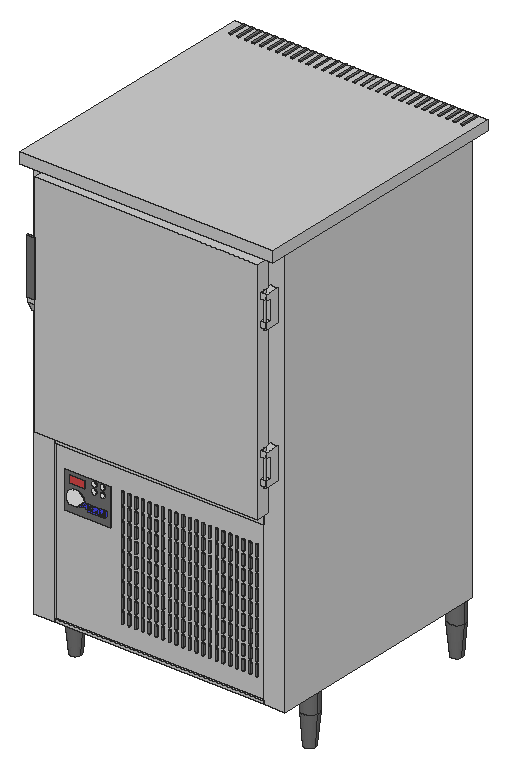
Revit family "QF_ACFRI_RS40-RL.190709092932", category Specialty Equipment, Revit 2016 (continued)
Definition of nested family "QF_ACFRI_RS40-RL_230V_1Ph_50Hz"
  Forms (mm)
    Extrusion 5, solid
      sketch origin (0, -746.05, -119.991) x (1, 0, 0) y (0, 0, 1)
        loop
          line (561.229, 494.546) -> (561.229, 467.546)
          arc (561.229, 467.546) -> (564.729, 464.046) -> (568.229, 467.546) r 3.5
          line (568.229, 467.546) -> (568.229, 494.546)
          arc (568.229, 494.546) -> (564.729, 498.046) -> (561.229, 494.546) r 3.5
        loop
          line (581.229, 494.546) -> (581.229, 467.546)
          arc (581.229, 467.546) -> (584.729, 464.046) -> (588.229, 467.546) r 3.5
          line (588.229, 467.546) -> (588.229, 494.546)
          arc (588.229, 494.546) -> (584.729, 498.046) -> (581.229, 494.546) r 3.5
        loop
          line (601.229, 494.546) -> (601.229, 467.546)
          arc (601.229, 467.546) -> (604.729, 464.046) -> (608.229, 467.546) r 3.5
          line (608.229, 467.546) -> (608.229, 494.546)
          arc (608.229, 494.546) -> (604.729, 498.046) -> (601.229, 494.546) r 3.5
        loop
          line (621.229, 494.546) -> (621.229, 467.546)
          arc (621.229, 467.546) -> (624.729, 464.046) -> (628.229, 467.546) r 3.5
          line (628.229, 467.546) -> (628.229, 494.546)
          arc (628.229, 494.546) -> (624.729, 498.046) -> (621.229, 494.546) r 3.5
        loop
          line (641.229, 494.546) -> (641.229, 467.546)
          arc (641.229, 467.546) -> (644.729, 464.046) -> (648.229, 467.546) r 3.5
          line (648.229, 467.546) -> (648.229, 494.546)
          arc (648.229, 494.546) -> (644.729, 498.046) -> (641.229, 494.546) r 3.5
        loop
          line (661.229, 494.546) -> (661.229, 467.546)
          arc (661.229, 467.546) -> (664.729, 464.046) -> (668.229, 467.546) r 3.5
          line (668.229, 467.546) -> (668.229, 494.546)
          arc (668.229, 494.546) -> (664.729, 498.046) -> (661.229, 494.546) r 3.5
      from 0 to 2
    Extrusion 6, solid
      sketch origin (-327.449, -51.57, -49) x (1, 0, 0) y (0, 0, 1)
        loop
          circle (377.449, 99) r 5
      from 0 to 5
    Extrusion 7, solid
      sketch origin (686.444, 0, -150) x (0, 1, 0) y (0, 0, 1)
        loop
          line (-56.57, 1373.957) -> (-752.05, 1373.957) -> (-752.05, 150) -> (-56.57, 150) -> (-56.57, 1373.957)
      from 3.267 to 65.187
    Extrusion 8, solid
      sketch origin (0, 0, -51) x (0, 1, 0) y (0, 0, 1)
        loop
          line (-752.05, 1274.957) -> (-752.05, 1228.517) -> (-126.332, 1228.517) -> (-126.332, 593.419) -> (-752.05, 593.419) -> (-752.05, 531.284) -> (-747.05, 531.284) -> (-747.05, 61) -> (-752.05, 61) -> (-752.05, 51) -> (-56.57, 51) -> (-56.57, 1274.957) -> (-752.05, 1274.957)
      from 65.187 to 689.711
  Lines and regions (mm)
    symbolic lines
      curve 1: line (0, 0, 0) -> (755, 0, 0)
      curve 2: line (0, -800, 0) -> (0, 0, 0)
      curve 3: line (755, -800, 0) -> (0, -800, 0)
      curve 4: line (755, 0, 0) -> (755, -800, 0)
  Dimensions and locks
    plane 3 "Left" to plane 4 "Right" = 755 mm
    plane 5 "Front" to plane 1 "Back" = 800 mm
    plane 6 "Top" to level = 1254.917 mm
    aligned and locked: level to plane 2
  Connectors
    electrical at (50, -51.57, 50)
      settings: on Extrusion 6, index 1, voltage 0 V, apparent load 0 VA, apparent load phase1 0 VA, apparent load phase2 0 VA, apparent load phase3 0 VA, power factor 1, load classification none, number of poles 1, system type 31, power factor state 1, is connector primary yes, connector utility no, sub classification motor no, connector description "Electrical connection"
Definition of nested family "QF_ACFRI_RS25_30_40_DOOR_RX"
  Parameters (values of type "RS25_30_40_DOOR_RX")
    URL catalogue [instance] = ""
    URL = "www.acfri.com"
    Status [instance] = ""
    Spécification technique [instance] = ""
    Spécification du Fabricant [instance] = ""
    Spécification de l'Utilisateur [instance] = ""
    Show Logo [instance] = yes
    Show Clearance [instance] = yes
    SMACNA No spécifique pour les matériaux  Etats Unis [instance] = ""
    Quantité par lot [instance] = no
    Profondeur hors tout [instance] = 40 mm
    Poids net à vide [instance] = 0.00 kg
    Numéro de Série [instance] = ""
    Nombre d'identification NAFEM [instance] = ""
    Model = "RS25_30_40_DOOR_RX"
    Manufacturer = "ACFRI"
    Longueur hors tout [instance] = 699 mm
    Installé Par [instance] = ""
    Identifiant Equipement [instance] = no
    Hauteur hors tout [instance] = 680 mm
    Fournis Par [instance] = ""
    Description = "PORTE AVEC OUVERTURE DROITE"
    Cost = 0
    Code de Révision [instance] = ""
    Classification dans le projet [instance] = ""
    Classement sismique [instance] = ""
    Assembly Code = "E1090320"
    Accessoires [instance] = yes
  Reference planes
    plane 1 "Back": y = 0
    plane 2: z = 0
    plane 3 "Left": x = 0
    plane 4 "Right": x = 755
    plane 5 "Front": y = -800
    plane 6 "Top": z = 1254.917
  Forms (mm)
    Extrusion 1, solid
      sketch origin (0, -100, 372.879) x (1, 0, 0) y (0, 0, 1)
        loop
          line (44.706, 830.129) -> (44.706, 149.234) -> (710.163, 149.234) -> (710.163, 830.129) -> (44.706, 830.129)
      from 662.15 to 699.95
    Extrusion 2, solid
      sketch origin (0, -100, 372.879) x (0, 1, 0) y (0, 0, 1)
        loop
          line (-693, 736.96) -> (-678, 736.96) -> (-678, 677.386) -> (-693, 677.386) -> (-693, 660.173) -> (-652, 660.173) -> (-652, 754.173) -> (-693, 754.173) -> (-693, 736.96)
      from 711.246 to 729.246
    Extrusion 3, solid
      sketch origin (0, -100, 372.879) x (1, 0, 0) y (0, 1, 0)
        loop
          circle (720.083, -687.465) r 3
      from 656.173 to 760.173
    Extrusion 4, solid
      sketch origin (0, -100, -49.121) x (0, 1, 0) y (0, 0, 1)
        loop
          line (-693, 736.96) -> (-678, 736.96) -> (-678, 677.386) -> (-693, 677.386) -> (-693, 660.173) -> (-652, 660.173) -> (-652, 754.173) -> (-693, 754.173) -> (-693, 736.96)
      from 711.246 to 729.246
    Extrusion 5, solid
      sketch origin (0, -100, -49.121) x (1, 0, 0) y (0, 1, 0)
        loop
          circle (720.083, -687.465) r 3
      from 656.173 to 760.173
    Extrusion 6, solid
      sketch origin (1239.958, -61.439, 275) x (0, -1, 0) y (0, 0, 1)
        loop
          line (690.561, 693.865) -> (690.561, 557.787) -> (720.711, 557.787) -> (734.263, 585.818) -> (734.263, 665.818) -> (720.711, 693.865) -> (690.561, 693.865)
      from 1195.252 to 1218.714
    Extrusion 7, solid
      sketch origin (1239.958, -61.439, 275) x (0, -1, 0) y (0, 0, 1)
        loop
          line (734.263, 766.818) -> (734.263, 600.329) -> (738.561, 600.329) -> (738.561, 766.818) -> (734.263, 766.818)
      from 1195.252 to 1218.714
    Extrusion 8, solid, visible <- "Show Clearance", detail levels coarse
      sketch origin (0, -100, 372.879) x (1, 0, 0) y (0, 1, 0)
        loop
          line (720.246, -700) -> (21.244, -700)
          arc (21.244, -700) -> (212.032, -1179.918) -> (680.246, -1397.856) r 699.001
          line (680.246, -1397.856) -> (720.246, -1397.856) -> (720.246, -700)
      from 149.234 to 830.129
  Lines and regions (mm)
    symbolic lines, visible <- "Show Clearance"
      curve 1: arc (21.244, -800, 0) -> (212.032, -1279.918, 0) -> (680.246, -1497.856, 0) r 699.001
      curve 2: line (720.246, -1497.856, 0) -> (720.246, -800, 0)
      curve 3: line (680.246, -1497.856, 0) -> (680.246, -800, 0)
      curve 4: line (680.246, -1497.856, 0) -> (720.246, -1497.856, 0)
  Dimensions and locks
    plane 3 "Left" to plane 4 "Right" = 755 mm
    plane 5 "Front" to plane 1 "Back" = 800 mm
    plane 6 "Top" to level = 1254.917 mm
    aligned and locked: level to plane 2
Definition of nested family "QF_ACFRI_RS12_15_20_LEGS"
  Parameters (values of type "RS12_15_20_LEGS")
    URL catalogue [instance] = ""
    URL = "www.acfri.com"
    Status [instance] = ""
    Spécification technique [instance] = ""
    Spécification du Fabricant [instance] = ""
    Spécification de l'Utilisateur [instance] = ""
    Show Logo [instance] = yes
    Show Clearance [instance] = yes
    SMACNA No spécifique pour les matériaux  Etats Unis [instance] = ""
    Quantité par lot [instance] = no
    Profondeur hors tout [instance] = 700 mm
    Poids net à vide [instance] = 0.00 kg
    Numéro de Série [instance] = ""
    Nombre d'identification NAFEM [instance] = ""
    Model = "RS12_15_20_LEGS"
    Manufacturer = "ACFRI"
    Longueur hors tout [instance] = 755 mm
    Installé Par [instance] = ""
    Identifiant Equipement [instance] = no
    Hauteur hors tout [instance] = 150 mm
    Fournis Par [instance] = ""
    Description = "JAMBES STANDARD"
    Cost = 0
    Code de Révision [instance] = ""
    Classification dans le projet [instance] = ""
    Classement sismique [instance] = ""
    Assembly Code = "E1090320"
    Accessoires [instance] = yes
  Reference planes
    plane 1 "Back": y = 0
    plane 2: z = 0
    plane 3 "Left": x = 0
    plane 4 "Right": x = 755
    plane 5 "Front": y = -700
    plane 6 "Top": z = 150
  Forms (mm)
    Revolve 1, solid
      sketch origin (0, -81.07, 0) x (1, 0, 0) y (0, 0, 1)
        loop
          line (27.767, 150) -> (27.767, 0) -> (43.973, 0) -> (52.267, 93.06) -> (52.267, 150) -> (27.767, 150)
        axis (27.767, 150) -> (27.767, 0)
      angle from 0 to 360
    Revolve 2, solid
      sketch origin (699.364, -81.07, 0) x (1, 0, 0) y (0, 0, 1)
        loop
          line (27.767, 150) -> (27.767, 0) -> (43.973, 0) -> (52.267, 93.06) -> (52.267, 150) -> (27.767, 150)
        axis (27.767, 150) -> (27.767, 0)
      angle from 0 to 360
    Revolve 3, solid
      sketch origin (0, -627.5, 0) x (1, 0, 0) y (0, 0, 1)
        loop
          line (27.767, 150) -> (27.767, 0) -> (43.973, 0) -> (52.267, 93.06) -> (52.267, 150) -> (27.767, 150)
        axis (27.767, 150) -> (27.767, 0)
      angle from 0 to 360
    Revolve 4, solid
      sketch origin (699.364, -627.5, 0) x (1, 0, 0) y (0, 0, 1)
        loop
          line (27.767, 150) -> (27.767, 0) -> (43.973, 0) -> (52.267, 93.06) -> (52.267, 150) -> (27.767, 150)
        axis (27.767, 150) -> (27.767, 0)
      angle from 0 to 360
  Dimensions and locks
    plane 3 "Left" to plane 4 "Right" = 755 mm
    plane 5 "Front" to plane 1 "Back" = 700 mm
    plane 6 "Top" to level = 150 mm
    aligned and locked: level to plane 2
Definition of nested family "QF_ACFRI_RS25_30_40-CP"
  Parameters (values of type "RS25_30_40-CP")
    URL catalogue [instance] = ""
    URL = "www.acfri.com"
    Status [instance] = ""
    Spécification technique [instance] = ""
    Spécification du Fabricant [instance] = ""
    Spécification de l'Utilisateur [instance] = ""
    Show Logo [instance] = yes
    Show Clearance [instance] = yes
    SMACNA No spécifique pour les matériaux  Etats Unis [instance] = ""
    Quantité par lot [instance] = no
    Profondeur hors tout [instance] = 2 mm
    Poids net à vide [instance] = 0.00 kg
    Numéro de Série [instance] = ""
    Nombre d'identification NAFEM [instance] = ""
    Model = "CP"
    Manufacturer = "ACFRI"
    Longueur hors tout [instance] = 135 mm
    Installé Par [instance] = ""
    Identifiant Equipement [instance] = no
    Hauteur hors tout [instance] = 110 mm
    Fournis Par [instance] = ""
    Description = "PANNEAU DE COMMANDE STANDARD"
    Cost = 0
    Code de Révision [instance] = ""
    Classification dans le projet [instance] = ""
    Classement sismique [instance] = ""
    Assembly Code = "E1090320"
    Accessoires [instance] = yes
  Reference planes
    plane 1 "Back": y = 0
    plane 2: z = 0
    plane 3 "Left": x = 0
    plane 4 "Right": x = 755
    plane 5 "Front": y = -800
    plane 6 "Top": z = 1255
  Forms (mm)
    Extrusion 1, solid
      sketch origin (0, -746, -39.477) x (1, 0, 0) y (0, 0, 1)
        loop
          line (93.554, 456.477) -> (93.554, 347.31) -> (228.354, 347.31) -> (228.354, 456.477) -> (93.554, 456.477)
      from 0 to 2
    Extrusion 2, solid
      sketch origin (0, -746, -39.477) x (1, 0, 0) y (0, 0, 1)
        loop
          line (108.554, 446.477) -> (108.554, 426.477) -> (153.209, 426.477) -> (153.209, 446.477) -> (108.554, 446.477)
      from 0 to 2.5
    Extrusion 3, solid
      sketch origin (0, -746, -39.477) x (1, 0, 0) y (0, 0, 1)
        loop
          circle (180.595, 446.477) r 7.041
        loop
          circle (205.595, 446.477) r 6.977
        loop
          circle (180.595, 426.477) r 6.969
        loop
          circle (205.595, 426.477) r 6.966
      from 0 to 2.5
    Extrusion 4, solid, visible <- "Show Logo"
      sketch origin (0, -746, -39.477) x (1, 0, 0) y (0, 0, 1)
        loop
          arc (151.176, 389.128) -> (113.283, 410.215) -> (105.005, 367.647) r 26.786
          line (105.005, 367.647) -> (129.695, 367.647) -> (151.176, 389.128)
      from 0 to 2.5
    Extrusion 5, solid, visible <- "Show Logo"
      sketch origin (0, -746, -39.477) x (1, 0, 0) y (0, 0, 1)
        loop
          line (137.376, 372.576) -> (143.877, 372.576) -> (156.132, 384.832) -> (156.132, 379.832) -> (152.402, 379.832) -> (149.546, 376.976) -> (156.132, 376.976) -> (156.132, 372.576) -> (160.352, 372.576) -> (160.352, 387.576) -> (152.376, 387.576) -> (137.376, 372.576)
        loop
          line (161.81, 372.576) -> (170.216, 372.576) -> (175.423, 376.645) -> (167.48, 376.645) -> (167.48, 383.463) -> (176.07, 383.463) -> (181.335, 387.576) -> (166.704, 387.576) -> (161.81, 383.752) -> (161.81, 372.576)
        loop
          line (177.48, 372.576) -> (183.63, 372.576) -> (183.63, 377.576) -> (187.087, 377.576) -> (191.493, 381.273) -> (183.63, 381.273) -> (183.63, 383.421) -> (192.217, 383.421) -> (197.534, 387.576) -> (183.178, 387.576) -> (177.48, 382.794) -> (177.48, 372.576)
        loop
          line (192.329, 372.576) -> (198.443, 372.576) -> (198.443, 377.835) -> (205.681, 372.576) -> (209.279, 372.576) -> (209.279, 376.027) -> (206.884, 378.036) -> (209.279, 379.907) -> (209.279, 387.576) -> (199.004, 387.576) -> (192.329, 381.975) -> (192.329, 372.576)
        loop
          line (198.443, 383.421) -> (198.443, 381.273) -> (203.737, 381.273) -> (203.737, 383.421) -> (198.443, 383.421)
        loop
          line (210.531, 372.576) -> (216.277, 372.576) -> (216.277, 387.576) -> (210.531, 383.086) -> (210.531, 372.576)
        loop
          line (161.81, 371.199) -> (161.81, 366.993) -> (210.016, 366.993) -> (216.252, 371.199) -> (161.81, 371.199)
      from 0 to 2.5
  Dimensions and locks
    plane 3 "Left" to plane 4 "Right" = 755 mm
    plane 5 "Front" to plane 1 "Back" = 800 mm
    plane 6 "Top" to level = 1255 mm
    aligned and locked: level to plane 2
